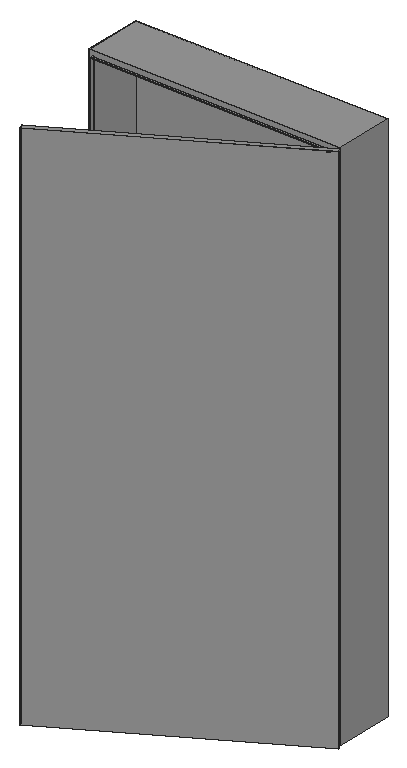
Revit family "Hager-Univers-IP44-D205-H1700-Cl.I-encl-NoHosted-PL-en", category Equipement électrique, Revit 2020
Family settings
  Configuration du panneau = Deux colonnes, circuits au sein
  Cote de connecteur circulaire = Utiliser le diamètre
  Type d'élément = Tableau de raccordement
  Basée sur le plan de construction = Oui
  Toujours verticalement = Oui
  Couper avec des vides une fois chargée = Non
  Partagée = Non
  Point de calcul de pièce = Non
Parameters (values of type "Surface mounted (plaster) IP44 W800 H1700 D205  - FP13TN2")
  Width Control [instance] = if([EF000008 - Width] > Min Width, [EF000008 - Width], Min Width)  # 800 mm
  Commentaires du type = [HG000003 - Range]  # "Univers"
  Thickness Door [instance] = if([EF009171 - Material plate thickness door/cover] > 3 mm, 3 mm, [EF009171 - Material plate thickness door/cover])  # 1 mm
  Seal Frame Offset [instance] = 17 mm  # constant formula
  Plinth Visibility [instance] = [HG000027 - Plinth height] > 0 mm  # no
  Min Width [instance] = 100 mm  # constant formula
  Min Depth [instance] = (2 * [EF009170 - Material plate thickness cabinet]) + 1 mm  # 3 mm
  Min Height [instance] = 100 mm  # constant formula
  Internal Frame Depth [instance] = (Door System Depth * 0.5)  # 9 mm
  Panel Name [instance] = ""  # (empty or 0)
  Model = ""
  HG000027 - Plinth height = 0 mm
  HG000026 - Floor standing = no
  HG000024 - Bottom section height = 600 mm
  HG000023 - Double section enclosure = no
  HG000016 - Door 3d visibility [instance] = yes
  HG000015 - Clearance visibility [instance] = no
  HG000014 - Door on the right [instance] = yes
  HG000013 - Door on the left [instance] = not([HG000014 - Door on the right])  # no
  HG000012 - Door swing angle [instance] = 30.00°
  HG000010 - Asymmetric doors = no
  HG000009 - Double swing door = no
  HG000006 - Flush mounted = no
  HG000004 - Manufacturer reference = "FP13TN2"
  HG000003 - Range = "Univers"
  HG000002 - With door or cover = yes
  Frame Offset Bottom [instance] = 10 mm  # constant formula
  Frame Offset [instance] = 15 mm  # constant formula
  EF015940 - Cover with overpressure release = no
  EF011959 - Degree of protection (NEMA) = ""
  EF009554 - Number of openings for flange plates = 6
  EF009212 - Cover model = "EV000116 - Closed"
  EF009171 - Material plate thickness door/cover = 1 mm
  EF009170 - Material plate thickness cabinet = 1 mm
  EF008873 - Nominal current (In) = 400 A
  EF007800 - Suitable for lightning protection = no
  EF006306 - With lock = no
  EF006244 - Transparent cover/door = no
  EF005474 - Degree of protection (IP) = "EV006418 - IP44"
  EF004464 - Type of door = "EV002646 - Single"
  EF004427 - Number of modules = 396
  EF004293 - Impact strength = "EV006815 - IK09"
  EF003532 - Suitable for outdoor use = no
  EF002950 - Width in number of modular spacings = 36
  EF001613 - Circuit integrity = "EV000494 - None"
  EF001596 - Material housing = "EV000179 - Steel"
  EF001131 - Internal depth = 205 mm
  EF001088 - Extension possible = yes
  EF000437 - Number of conduit inlets = 6
  EF000339 - Type of cover = "EV001012 - Cover"
  EF000266 - Number of rows = 11
  EF000218 - Built-in depth = 205 mm
  EF000118 - With mounting plate = no
  EF000116 - RAL-number = "9010"
  EF000049 - Depth = 205 mm
  EF000040 - Height = 1700 mm
  EF000008 - Width = 800 mm
  EF000007 - Colour = "EV000202 - White"
  EF000003 - Mounting method = "EV000384 - Surface mounted (plaster)"
  Door System Leaf Tolerance [instance] = 1.5 mm  # constant formula
  Door System Depth [instance] = 18 mm  # constant formula
  Door Height [instance] = Height Control - [HG000027 - Plinth height]  # 1700 mm
  Description = ""
  Default Elevation = 1219.2 mm
  Connector Offset [instance] = Height Control / 2  # 850 mm
  Fabricant = "Hager"  # constant formula
  Height Control [instance] = if([EF000040 - Height] > Min Height, [EF000040 - Height], Min Height)  # 1700 mm
  Depth Control [instance] = if([EF000049 - Depth] > Min Depth, [EF000049 - Depth], Min Depth)  # 205 mm
  Bottom Top Plate Trim [instance] = 1.5 mm  # constant formula
  Plinth height Ctrl [instance] = if([HG000027 - Plinth height] > 0 mm, [HG000027 - Plinth height], 12 mm)  # 12 mm
Types (4, lengths in mm): name | Width Control | HG000010 - Asymmetric doors | HG000009 - Double swing door | HG000004 - Manufacturer reference | EF009554 - Number of openings for flange plates | EF008873 - Nominal current (In) | EF004464 - Type of door | EF004427 - Number of modules | EF002950 - Width in number of modular spacings | EF000437 - Number of conduit inlets | EF000008 - Width
  Surface mounted (plaster) IP44 W1300 H1700 D205  - FP15TN2 | 1300 | yes | yes | "FP15TN2" | 10 | 400 A | "EV003602 - Double" | 660 | 60 | 10 | 1300
  Surface mounted (plaster) IP44 W300 H1700 D205  - FP11TN2 | 300 | no | no | "FP11TN2" | 2 | 250 A | "EV002646 - Single" | 132 | 12 | 2 | 300
  Surface mounted (plaster) IP44 W550 H1700 D205  - FP12TN2 | 550 | no | no | "FP12TN2" | 4 | 250 A | "EV002646 - Single" | 264 | 24 | 4 | 550
  Surface mounted (plaster) IP44 W800 H1700 D205  - FP13TN2 | 800 | no | no | "FP13TN2" | 6 | 400 A | "EV002646 - Single" | 396 | 36 | 6 | 800
Reference planes
  plane 1 "Center (Front/Back)": y = 0
  plane 2: z = 0
  plane 3 "Center (Left/Right)": x = 0
  plane 4: y = 0
  plane 5: y = 0
  plane 6: z = 0
  plane 7: x = -400
  plane 8: x = 400
  plane 9: x = 399
  plane 10: x = -399
  plane 11: z = 0
  plane 12: z = 1
  plane 13: y = -205
  plane 14: y = -1
  plane 15: x = 0
  plane 16: y = -187
  plane 17: y = -204
  plane 18: y = -186
  plane 19: x = -384
  plane 20: x = 384
  plane 21: z = 11
  plane 22: x = -383
  plane 23: x = 383
  plane 24: z = 0
  plane 25: z = 1700
  plane 26: z = 1700
  plane 27: z = 1684
  plane 28: z = 1699
Forms (mm)
  Extrusion 1, solid, material "Hager_Steel_RAL7035_Light_Grey", detail levels medium+fine
    sketch origin (-208.679, -4572, 0) x (-1, 0, 0) y (0, -1, 0)
      loop
        line (191.321, -4385) -> (-608.679, -4385) -> (-608.679, -4572) -> (191.321, -4572) -> (191.321, -4385)
    from 0 to 1700
  Extrusion 2, void
    sketch origin (-350.771, -205, 1219.2) x (1, 0, 0) y (0, 0, 1)
      loop
        line (-48.229, 479.8) -> (-48.229, -1218.2) -> (749.771, -1218.2) -> (749.771, 479.8) -> (-48.229, 479.8)
    from -19 to -204
  Extrusion 3, void
    sketch origin (-290.084, -187, 1219.2) x (1, 0, 0) y (0, 0, 1)
      loop
        line (-93.916, -1208.2) -> (674.084, -1208.2) -> (674.084, 464.8) -> (-93.916, 464.8) -> (-93.916, -1208.2)
    from 0 to -1
  Extrusion 4, solid, material "Hager_Steel_RAL7035_Light_Grey", visible <- "Plinth Visibility", detail levels medium+fine
    sketch origin (0, 0, 0) x (1, 0, 0) y (0, 1, 0)
      loop
        line (-400, 0) -> (-400, -187) -> (400, -187) -> (400, 0) -> (-400, 0)
    from 0 to 12 <- "Plinth height Ctrl"
  Extrusion 5, solid, material "Hager_Steel_RAL7035_Light_Grey", detail levels coarse
    sketch origin (0, 0, 0) x (1, 0, 0) y (0, 1, 0)
      loop
        line (-400, 0) -> (-400, -205) -> (400, -205) -> (400, 0) -> (-400, 0)
    from 0 to 1700 <- "Height Control"
  Sweep 6, void
    path in 3D
      loop
        line (-400, -187, 12) -> (400, -187, 12) -> (400, 0, 12) -> (-400, 0, 12) -> (-400, -187, 12)
    profile origin (-400, -93.5, 12) x (1, 0, 0) y (0, 0, 1)
      loop
        line (0, 0) -> (0, -1.5) -> (1.5, -1.5)
        arc (1.5, -1.5) -> (1.061, -0.439) -> (0, 0) r 1.5
  Extrusion 7, solid, material "Hager_Steel_RAL7035_Light_Grey", detail levels fine
    sketch origin (-400, -187, 0) x (1, 0, 0) y (0, 0, 1)
      loop
        line (16, 11) -> (784, 11) -> (784, 1684) -> (16, 1684) -> (16, 11)
      loop
        line (15, 10) -> (785, 10) -> (785, 1685) -> (15, 1685) -> (15, 10)
    from 0 to 9 <- "Internal Frame Depth"
Cuts and joins
  Extrusion 2, Extrusion 3 cuts Extrusion 1
  Sweep 6 cuts Extrusion 4
Lines and regions (mm)
  Masking region 1
    outline origin (0, 0, 0) x (1, 0, 0) y (0, 1, 0)
      loop
        line (-400, 0) -> (-400, -205) -> (400, -205) -> (400, 0) -> (-400, 0)
  Masking region 2, detail levels coarse
    outline origin (-290.084, -187, 1219.2) x (-1, 0, 0) y (0, 0, 1)
      loop
        line (-690.084, -1219.2) -> (109.916, -1219.2) -> (109.916, 480.8) -> (-690.084, 480.8) -> (-690.084, -1219.2)
  Masking region 3, detail levels coarse
    outline origin (0, 0, 0) x (0, 1, 0) y (0, 0, 1)
      loop
        line (0, 0) -> (0, 1700) -> (-205, 1700) -> (-205, 0) -> (0, 0)
  Masking region 4, visible <- "Plinth Visibility", detail levels medium+fine
    outline origin (0, 0, 0) x (0, 1, 0) y (0, 0, 1)
      loop
        line (-1.5, 12) -> (-185.5, 12)
        arc (-185.5, 12) -> (-185.939, 10.939) -> (-187, 10.5) r 1.5
        line (-187, 10.5) -> (-187, 0) -> (0, 0) -> (0, 10.5)
        arc (0, 10.5) -> (-1.061, 10.939) -> (-1.5, 12) r 1.5
  Masking region 5, detail levels medium+fine
    outline origin (0, 0, 594.038) x (0, 1, 0) y (0, 0, 1)
      loop
        line (0, -594.038) -> (0, 1105.962) -> (-187, 1105.962) -> (-187, -594.038) -> (0, -594.038)
  Masking region 6, detail levels medium+fine
    outline origin (-359.7, -187, 1211.883) x (-1, 0, 0) y (0, 0, 1)
      loop
        line (-759.7, -1211.883) -> (40.3, -1211.883) -> (40.3, 488.117) -> (-759.7, 488.117) -> (-759.7, -1211.883)
  Masking region 7, visible <- "Plinth Visibility", detail levels medium+fine
    outline origin (-320.334, -187, 1041.368) x (-1, 0, 0) y (0, 0, 1)
      loop
        line (-720.334, -1041.368) -> (79.666, -1041.368) -> (79.666, -1030.868)
        arc (79.666, -1030.868) -> (78.606, -1030.429) -> (78.166, -1029.368) r 1.5
        line (78.166, -1029.368) -> (-718.834, -1029.368)
        arc (-718.834, -1029.368) -> (-719.273, -1030.429) -> (-720.334, -1030.868) r 1.5
        line (-720.334, -1030.868) -> (-720.334, -1041.368)
  sketch lines
    curve 1: line (-400, 0, 12) -> (-400, -187, 12)
    curve 2: line (-400, -187, 12) -> (400, -187, 12)
    curve 3: line (400, 0, 12) -> (-400, 0, 12)
    curve 4: line (400, -187, 12) -> (400, 0, 12)
Dimensions and locks
  locked: plane 1 "Center (Front/Back)" to plane 5
  "EF009170 - Material plate thickness cabinet": plane 7 to plane 10
  "EF009170 - Material plate thickness cabinet": plane 8 to plane 9
  equal spacing: plane 7, plane 3 "Center (Left/Right)", plane 8
  "Width Control": plane 7 to plane 8
  "Depth Control": plane 4 to plane 13
  "EF009170 - Material plate thickness cabinet": plane 4 to plane 14
  "Height Control": plane 25 to level
  "HG000027 - Plinth height": plane 11 to level
  "EF009170 - Material plate thickness cabinet": plane 12 to plane 11
  "EF009170 - Material plate thickness cabinet": plane 17 to plane 13
  "EF009170 - Material plate thickness cabinet": plane 18 to plane 16
  "Frame Offset Bottom": plane 21 to plane 12
  "Frame Offset": plane 10 to plane 19
  "Frame Offset": plane 9 to plane 20
  "Door System Depth": plane 16 to plane 13
  "Seal Frame Offset": plane 7 to plane 22
  "Seal Frame Offset": plane 8 to plane 23
  "EF009170 - Material plate thickness cabinet": plane 26 to plane 28
  "Frame Offset": plane 28 to plane 27
  "Connector Offset": plane 2 to connector elem
  "Bottom Top Plate Trim": profile plane to Sweep 6 sketch curve
  "Bottom Top Plate Trim": Sweep 6 sketch curve to Sweep 6 sketch curve
  "Plinth height Ctrl": Masking region 4 sketch curve to level
  "Plinth height Ctrl": Masking region 7 sketch curve to level
  "Thickness Door": Extrusion 7 sketch curve to Extrusion 7 sketch curve  (x4)
  "Bottom Top Plate Trim": radius of Sweep 6 sketch curve
  "Bottom Top Plate Trim": radius of Masking region 4 sketch curve  (x2)
  "Bottom Top Plate Trim": radius of Masking region 7 sketch curve  (x2)
  aligned and locked: Extrusion 2 sketch curve to plane 12
  aligned and locked: Extrusion 2 sketch curve to plane 9
  aligned and locked: Extrusion 2 sketch curve to plane 10
  aligned and locked: Extrusion 2 to plane 14
  aligned and locked: Extrusion 1 sketch curve to plane 4
  aligned and locked: plane 8 to Extrusion 1 sketch curve
  aligned and locked: plane 7 to Extrusion 1 sketch curve
  aligned and locked: Extrusion 2 to plane 18
  aligned and locked: Extrusion 3 sketch curve to plane 19
  aligned and locked: plane 20 to Extrusion 3 sketch curve
  aligned and locked: Extrusion 3 to Extrusion 2
  aligned and locked: Extrusion 3 sketch curve to plane 21
  aligned and locked: plane 3 "Center (Left/Right)" to nested 1
  aligned and locked: Extrusion 1 sketch curve to plane 16
  aligned and locked: Extrusion 4 sketch curve to cut or joined group of Extrusion 1, Extrusion 2, Extrusion 3
  aligned and locked: Masking region 1 sketch curve to plane 7
  aligned and locked: Masking region 1 sketch curve to plane 5
  aligned and locked: Masking region 1 sketch curve to plane 8
  aligned and locked: Masking region 2 sketch curve to level
  aligned and locked: level to Masking region 3 sketch curve
  aligned and locked: plane 1 "Center (Front/Back)" to Masking region 3 sketch curve
  aligned and locked: plane 13 to Masking region 3 sketch curve
  aligned and locked: plane 5 to Masking region 4 sketch curve
  aligned and locked: Masking region 2 sketch curve to plane 8
  aligned and locked: Masking region 2 sketch curve to plane 7
  aligned and locked: plane 7 to nested 2
  aligned and locked: nested 2 to plane 5
  aligned and locked: plane 5 to Masking region 5 sketch curve
  aligned and locked: plane 26 to Masking region 5 sketch curve
  aligned and locked: Extrusion 5 sketch curve to plane 8
  aligned and locked: Extrusion 5 sketch curve to plane 7
  aligned and locked: Extrusion 5 sketch curve to plane 5
  aligned and locked: Extrusion 3 sketch curve to plane 27
  aligned and locked: Extrusion 2 sketch curve to plane 28
  aligned and locked: Masking region 2 to plane 25
  aligned and locked: Extrusion 4 to plane 16
  aligned and locked: profile plane to Sweep 6 sketch curve
  aligned and locked: Masking region 5 sketch curve to plane 24
  aligned and locked: level to Masking region 4 sketch curve
  aligned and locked: Masking region 1 to plane 13
  aligned and locked: nested 1 to plane 16
  aligned and locked: Masking region 3 to plane 25
  aligned and locked: plane 16 to Masking region 4 sketch curve
  aligned and locked: Masking region 5 sketch curve to plane 16
  aligned and locked: plane 24 to plane 11
  aligned and locked: plane 26 to plane 25
  aligned and locked: plane 26 to cut or joined group of Extrusion 1, Extrusion 2, Extrusion 3
  aligned and locked: nested 1 to plane 24
  aligned and locked: Extrusion 1 to Extrusion 3
  aligned and locked: Masking region 6 sketch curve to plane 8
  aligned and locked: Masking region 6 sketch curve to plane 24
  aligned and locked: Masking region 6 sketch curve to plane 7
  aligned and locked: Masking region 6 sketch curve to plane 26
  aligned and locked: Masking region 7 sketch curve to plane 7
  aligned and locked: level to Masking region 7 sketch curve
  aligned and locked: Masking region 7 sketch curve to plane 8
  aligned and locked: Extrusion 7 sketch curve to cut or joined group of Extrusion 1, Extrusion 2, Extrusion 3  (x4)
Automatic sketch dimensions
  plane 19 to Extrusion 3 sketch curve = 0 mm
  Extrusion 3 sketch curve to plane 20 = 0 mm
  Extrusion 3 sketch curve to plane 21 = 0 mm
  Extrusion 4 sketch curve to plane 7 = 0 mm
  Extrusion 4 sketch curve to plane 8 = 0 mm
  Extrusion 4 sketch curve to plane 16 = 0 mm
  Masking region 1 sketch curve to plane 13 = 0 mm
  Masking region 2 sketch curve to plane 25 = 0 mm
  Masking region 3 sketch curve to plane 25 = 0 mm
  Extrusion 5 sketch curve to plane 13 = 0 mm
  profile plane to Sweep 6 sketch curve = 0 mm
Nested families
  nested 1: "EC000058_Univers_Door" at (0, -187, 0), Double <- "HG000009 - Double swing door", Transparent <- "EF006244 - Transparent cover/door", Angle <- "HG000012 - Door swing angle", Door_Right <- "HG000014 - Door on the right", Assymetrical <- "HG000010 - Asymmetric doors", Door <- "HG000002 - With door or cover", Width_Ctrl <- "Width Control", 3d_Door <- "HG000016 - Door 3d visibility", Clearance <- "HG000015 - Clearance visibility", Door_Left <- "HG000013 - Door on the left", Width <- "Width Control", Door_Depth <- "Door System Depth", Leaf_Tolerance <- "Door System Leaf Tolerance", Height <- "Door Height", Lock_Visibility <- "EF006306 - With lock", Thickness <- "Thickness Door", type "EC000058_Univers_Door", detail levels medium+fine
    with min_wh 3 mm, Width_Ctrl 800 mm, Width 800 mm, Transparent no, Thickness 1 mm, Seal_Material Hager_Rubber, Lock_Visibility no, Lock_Material Hager_Plastic_RAL9005_Jet_Black, Leaf_Width 800 mm, Leaf_Tolerance_External_Sides 0 mm, Leaf_Tolerance 1.5 mm, Leaf_Offset 0 mm, Leaf_Height 1697 mm, Leaf_2_Width 800 mm, Leaf_2_Offset 400 mm, Leaf_1_Width 800 mm, Leaf_1_Offset 400 mm, Height_Ctrl 1700 mm, Height 1700 mm, Glass_Material Hager_Glass, Double_Clearance_Ctrl no, Double no, Door_Right_Ctrl yes, Door_Right yes, Door_Material Hager_Steel_RAL7035_Light_Grey, Door_Left_Ctrl no, Door_Left no, Door_Depth 18 mm, Door yes, Clearance_Material Hager_Clearance, Clearance_Depth 800 mm, Clearance_Ctrl no, Clearance no, Assymetrical no, Angle 30.00°, 3d_Door yes
  nested 2: "Hager_Enclosure_Symbol" at (-400, 0, 0), Height <- "Depth Control", Width <- "Width Control", type "Hager_Enclosure_Symbol"
    with Width_Ctrl 800 mm, Width 800 mm, Height_Ctrl 205 mm, Height 205 mm, A_Width_Int 13.453 mm, A_Width 161.438 mm, A_Height_Ctrl 179.375 mm, A_Height 179.375 mm
Connectors
  electrical at (0, 0, 850)
    settings: on plane 1 "Center (Front/Back)", index 1, voltage 0 V, apparent load 0 VA, apparent load phase1 0 VA, apparent load phase2 0 VA, apparent load phase3 0 VA, power factor 1, load classification "Other", number of poles 1, system type 30, power factor state 1, is connector primary yes, connector utility no, sub classification motor no, connector description ""
Definition of nested family "EC000058_Univers_Door"
  Parameters (values of type "EC000058_Univers_Door")
    min_wh [instance] = (2 * Thickness) + 1 mm  # 11 mm
    Width_Ctrl [instance] = 400 mm
    Width [instance] = 500 mm
    Transparent [instance] = yes
    Thickness [instance] = 5 mm
    Seal_Material [instance] = none
    Lock_Visibility [instance] = yes
    Lock_Material [instance] = none
    Leaf_Width [instance] = if((Width_Ctrl - 2 * Leaf_Tolerance_External_Sides) > 0 mm, (Width_Ctrl - 2 * Leaf_Tolerance_External_Sides), min_wh)  # 400 mm
    Leaf_Tolerance_External_Sides [instance] = 0 mm  # constant formula
    Leaf_Tolerance [instance] = 1.5 mm
    Leaf_Offset [instance] = 0 mm  # constant formula
    Leaf_Height [instance] = if((Height_Ctrl - 2 * Leaf_Tolerance) > 0 mm, (Height_Ctrl - 2 * Leaf_Tolerance), min_wh)  # 497 mm
    Leaf_2_Width [instance] = if(and(and(Double, Assymetrical), Door_Left), (Leaf_Width / 3) - (Leaf_Tolerance / 2), if(and(and(Double, Assymetrical), Door_Right), (Leaf_Width / 3) * 2 - (Leaf_Tolerance / 2), if(and(Double, not(Assymetrical)), (Leaf_Width / 2) - Leaf_Tolerance, Leaf_Width)))  # 400 mm
    Leaf_2_Offset [instance] = if(and(Double, Assymetrical), Leaf_2_Width / 2, if(and(Double, not(Assymetrical)), Leaf_Width / 4, Leaf_Width / 2))  # 200 mm
    Leaf_1_Width [instance] = if(and(and(Double, Assymetrical), Door_Right), (Leaf_Width / 3) - (Leaf_Tolerance / 2), if(and(and(Double, Assymetrical), Door_Left), (Width / 3) * 2 - (Leaf_Tolerance / 2), if(and(Double, not(Assymetrical)), (Leaf_Width / 2) - Leaf_Tolerance, Leaf_Width)))  # 400 mm
    Leaf_1_Offset [instance] = if(and(Double, Assymetrical), Leaf_1_Width / 2, if(and(Double, not(Assymetrical)), Leaf_Width / 4, Leaf_Width / 2))  # 200 mm
    Height_Ctrl [instance] = if(Height > min_wh, Height, min_wh)  # 500 mm
    Height [instance] = 500 mm
    Glass_Material [instance] = none
    Double_Clearance_Ctrl [instance] = and(Double, Clearance)  # no
    Double [instance] = no
    Door_Right_Ctrl [instance] = and(or(Door_Right, Double), Door)  # yes
    Door_Right [instance] = yes
    Door_Material [instance] = none
    Door_Left_Ctrl [instance] = and(or(Door_Left, Double), Door)  # no
    Door_Left [instance] = no
    Door_Depth [instance] = 30 mm
    Door [instance] = yes
    Default Elevation = 1219.2 mm
    Clearance_Material [instance] = none
    Clearance_Depth [instance] = if(Leaf_1_Width > Leaf_2_Width, Leaf_1_Width, Leaf_2_Width)  # 400 mm
    Clearance_Ctrl [instance] = and(not(Double), Clearance)  # yes
    Clearance [instance] = yes
    Assymetrical [instance] = yes
    Angle [instance] = 30.00°
    3d_Door [instance] = yes
  Reference planes
    plane 1 "Center (Front/Back)": y = 0
    plane 2 "Bottom": z = 0
    plane 3 "Center (Left/Right)": x = 0
    plane 4: z = 500
    plane 5: x = -200
    plane 6: x = 200
    plane 7: z = 500
    plane 8: x = -200
    plane 9: z = 0
    plane 10: x = 200
    plane 11: y = 0
    plane 12: z = 1.5
    plane 13: x = -600
    plane 14: y = -400
    plane 15: x = 600
    plane 16: x = 0
    plane 17: x = 0
    plane 18: x = -200
    plane 19: x = 200
    plane 20: z = 498.5
  Forms (mm)
    Extrusion 1, solid, material <- "Clearance_Material", visible <- "Double_Clearance_Ctrl"
      sketch origin (1200, 0, 0) x (1, 0, 0) y (0, 0, -1)
        loop
          line (-1800, -498.5) -> (-600, -498.5) -> (-600, 0) -> (-1800, 0) -> (-1800, -498.5)
      from 0 to -400
  Dimensions and locks
    equal spacing: plane 5, plane 3 "Center (Left/Right)", plane 6
    "Width_Ctrl": plane 5 to plane 6
    "Leaf_Offset": plane 5 to plane 8
    "Leaf_Offset": plane 6 to plane 10
    "Leaf_Offset": plane 9 to level
    "Leaf_Offset": plane 4 to plane 7
    "Height_Ctrl": plane 4 to level
    "Leaf_Tolerance": plane 12 to plane 9
    locked: plane 11 to plane 1 "Center (Front/Back)"
    "Leaf_1_Offset": plane 18 to plane 16
    "Leaf_2_Offset": plane 17 to plane 19
    "Leaf_1_Width": plane 13 to plane 8
    "Leaf_2_Width": plane 10 to plane 15
    "Clearance_Depth": plane 14 to plane 1 "Center (Front/Back)"
    "Leaf_Tolerance_External_Sides": plane 8 to plane 18
    "Leaf_Tolerance_External_Sides": plane 19 to plane 10
    "Leaf_Tolerance": plane 7 to plane 20
    aligned and locked: level to plane 2 "Bottom"
    aligned and locked: nested 1 to plane 16
    aligned and locked: nested 2 to plane 17
    aligned and locked: Extrusion 1 to plane 13
    aligned and locked: plane 15 to Extrusion 1
    aligned and locked: Extrusion 1 to plane 14
    aligned and locked: plane 12 to nested 1
    aligned and locked: nested 2 to plane 12
    aligned and locked: Extrusion 1 to plane 11
    aligned and locked: plane 20 to Extrusion 1
    aligned and locked: nested 2 to plane 11
    aligned and locked: nested 1 to plane 11
  Automatic sketch dimensions
    Extrusion 1 sketch curve to level = 0 mm
    plane 5 to Extrusion 1 sketch curve = 400 mm
    plane 6 to Extrusion 1 sketch curve = 400 mm
    Extrusion 1 sketch curve to plane 4 = 1.5 mm
  Nested families
    nested 1: "EC000058_Univers_Door_Leaf" at (0, 0, 1.5), Width <- "Leaf_1_Width", visible <- "Door_Left_Ctrl", Leaf_Height <- "Leaf_Height", Angle <- "Angle", 3d_Door <- "3d_Door", Transparent <- "Transparent", Clearance Material <- "Clearance_Material", Clearance <- "Clearance_Ctrl", Door_Material <- "Door_Material", Glass_Material <- "Glass_Material", Door_Depth <- "Door_Depth", Lock_Material <- "Lock_Material", Seal_Material <- "Seal_Material", Lock_Visibility <- "Lock_Visibility", Thickness <- "Thickness", type "EC000058_Univers_Door_Leaf"
      with Width 400 mm, Transparent_Glass_Offset 30 mm, Transparent_Ctrl yes, Transparent yes, Thickness 5 mm, Standard no, Seal_Material none, Seal_D2 8 mm, Seal_D1 1 mm, Offset_Internal_Frame 10 mm, Lock_Width 20 mm, Lock_Visibility_3d yes, Lock_Visibility yes, Lock_Thickness_3 3 mm, Lock_Thickness_2 1 mm, Lock_Thickness_1 3 mm, Lock_Radius_Offset_2 16 mm, Lock_Radius_Offset_1 15 mm, Lock_Radius_2 5 mm, Lock_Radius 6 mm, Lock_Offset 5 mm, Lock_Material none, Lock_Height 80 mm, Lock_Cover_Top_Offset_2d 17 mm, Lock_Cover_Height -65 mm, Leaf_Height 497 mm, Internal_Seal_Thickness 8 mm, Internal_Seal_Depth_2 4.5 mm, Internal_Frame_Depth 25 mm, Glass_Thickness -1 mm, Glass_Offset -2 mm, Glass_Material none, Door_Material none, Door_Depth 30 mm, Clearance Material none, Clearance yes, Angle_Ctrl 30.00°, Angle 30.00°, 3d_Door yes
    nested 2: "EC000058_Univers_Door_Leaf" at (0, 0, 1.5) x (-1, 0, 0) z (0, 0, 1), Width <- "Leaf_2_Width", visible <- "Door_Right_Ctrl", Leaf_Height <- "Leaf_Height", Angle <- "Angle", 3d_Door <- "3d_Door", Transparent <- "Transparent", Clearance Material <- "Clearance_Material", Clearance <- "Clearance_Ctrl", Door_Material <- "Door_Material", Glass_Material <- "Glass_Material", Door_Depth <- "Door_Depth", Lock_Material <- "Lock_Material", Seal_Material <- "Seal_Material", Lock_Visibility <- "Lock_Visibility", Thickness <- "Thickness", type "EC000058_Univers_Door_Leaf"
      with Width 400 mm, Transparent_Glass_Offset 30 mm, Transparent_Ctrl yes, Transparent yes, Thickness 5 mm, Standard no, Seal_Material none, Seal_D2 8 mm, Seal_D1 1 mm, Offset_Internal_Frame 10 mm, Lock_Width 20 mm, Lock_Visibility_3d yes, Lock_Visibility yes, Lock_Thickness_3 3 mm, Lock_Thickness_2 1 mm, Lock_Thickness_1 3 mm, Lock_Radius_Offset_2 16 mm, Lock_Radius_Offset_1 15 mm, Lock_Radius_2 5 mm, Lock_Radius 6 mm, Lock_Offset 5 mm, Lock_Material none, Lock_Height 80 mm, Lock_Cover_Top_Offset_2d 17 mm, Lock_Cover_Height -65 mm, Leaf_Height 497 mm, Internal_Seal_Thickness 8 mm, Internal_Seal_Depth_2 4.5 mm, Internal_Frame_Depth 25 mm, Glass_Thickness -1 mm, Glass_Offset -2 mm, Glass_Material none, Door_Material none, Door_Depth 30 mm, Clearance Material none, Clearance yes, Angle_Ctrl 30.00°, Angle 30.00°, 3d_Door yes
  Definition of nested family "EC000058_Univers_Door_Leaf"
    Parameters (values of type "EC000058_Univers_Door_Leaf")
      Width [instance] = 2000 mm
      Transparent_Glass_Offset [instance] = 30 mm
      Transparent_Ctrl [instance] = and(Transparent, [3d_Door])  # yes
      Transparent [instance] = yes
      Thickness [instance] = 5 mm
      Standard [instance] = and(not(Transparent), [3d_Door])  # no
      Seal_Material [instance] = none
      Seal_D2 [instance] = 8 mm  # constant formula
      Seal_D1 [instance] = 1 mm  # constant formula
      Offset_Internal_Frame [instance] = 10 mm  # constant formula
      Lock_Width [instance] = 20 mm  # constant formula
      Lock_Visibility_3d [instance] = and(Lock_Visibility, [3d_Door])  # yes
      Lock_Visibility [instance] = yes
      Lock_Thickness_3 [instance] = 3 mm  # constant formula
      Lock_Thickness_2 [instance] = 1 mm  # constant formula
      Lock_Thickness_1 [instance] = 3 mm  # constant formula
      Lock_Radius_Offset_2 [instance] = Lock_Radius_Offset_1 + 1 mm  # 16 mm
      Lock_Radius_Offset_1 [instance] = 15 mm  # constant formula
      Lock_Radius_2 [instance] = Lock_Radius - 1 mm  # 5 mm
      Lock_Radius [instance] = 6 mm  # constant formula
      Lock_Offset [instance] = 5 mm  # constant formula
      Lock_Material [instance] = none
      Lock_Height [instance] = 80 mm  # constant formula
      Lock_Cover_Top_Offset_2d [instance] = Lock_Radius_Offset_2 + 1 mm  # 17 mm
      Lock_Cover_Height [instance] = -(Lock_Height - Lock_Radius_Offset_1)  # -65 mm
      Leaf_Height [instance] = 2720.336 mm
      Internal_Seal_Thickness [instance] = 8 mm  # constant formula
      Internal_Seal_Depth_2 [instance] = 4.5 mm  # constant formula
      Internal_Frame_Depth [instance] = if(Door_Depth - Thickness > 5 mm, Door_Depth - Thickness, 5 mm)  # 25 mm
      Glass_Thickness [instance] = if(Thickness > 15 mm, Glass_Offset + 10 mm, -1 mm)  # -1 mm
      Glass_Offset [instance] = if(Thickness > 15 mm, -(Thickness + 10 mm) / 2, -2 mm)  # -2 mm
      Glass_Material [instance] = none
      Door_Material [instance] = none
      Door_Depth [instance] = 30 mm
      Default Elevation = 0 mm
      Clearance Material [instance] = none
      Clearance [instance] = yes
      Angle_Ctrl [instance] = if(Angle > 180.00°, 180.00°, Angle)  # 90.00°
      Angle [instance] = 90.00°
      3d_Door [instance] = yes
    Reference planes
      plane 1 "Center (Front/Back)": y = 0
      plane 2: z = 0
      plane 3 "Center (Left/Right)": x = 0
      plane 4: y = 2000
      plane 5: x = -1000
      plane 6: x = 1000
      plane 7: x = -3000
      plane 8: z = 2720.336
      plane 9: z = 30
      plane 10: z = 2690.336
      plane 11: x = 970
      plane 12: x = -970
      plane 13: y = -3
      plane 14: z = 107.833
      plane 15: y = -5
      plane 16: y = -223.314
      plane 17: x = -1000
      plane 18: z = 1360.168
      plane 19: y = 30
    Forms (mm)
      Extrusion 1, solid, material <- "Clearance Material", visible <- "Clearance"
        sketch origin (0, 0, 0) x (1, 0, 0) y (0, 0, 1)
          loop
            line (-3000, 2720.336) -> (-3000, 0) -> (1000, 0) -> (1000, 2720.336) -> (-3000, 2720.336)
        from 0 to -2000
      Extrusion 2, solid, material <- "Door_Material", visible <- "Standard", detail levels medium+fine
        sketch origin (-1000, 0, 0) x (0, 1, 0) y (-1, 0, 0)
          loop
            line (0, 30) -> (0, 25) -> (2000, 25) -> (2000, 30) -> (0, 30)
        from 0 to 2720.336 <- "Leaf_Height"
      Extrusion 3, solid, material <- "Door_Material", visible <- "Transparent_Ctrl", detail levels medium+fine
        sketch origin (-1000, 0, 0) x (0, 1, 0) y (-1, 0, 0)
          loop
            line (0, 25) -> (2000, 25) -> (2000, 30) -> (0, 30) -> (0, 25)
        from 0 to 2720.336 <- "Leaf_Height"
      Extrusion 4, void
        sketch origin (-1025, 2000, 0) x (0, 1, 0) y (0, 0, -1)
          loop
            line (-30, -2690.336) -> (-30, -30) -> (-1970, -30) -> (-1970, -2690.336) -> (-30, -2690.336)
        from 0 to 5 <- "Thickness"
      Sweep 5, solid, material <- "Seal_Material", visible <- "Transparent_Ctrl", detail levels fine
        path in 3D
          loop
            line (-1025, 30, 30) -> (-1025, 30, 2690.336) -> (-1025, 1970, 2690.336) -> (-1025, 1970, 30) -> (-1025, 30, 30)
        profile origin (-1025, 1000, 30) x (1, 0, 0) y (0, 0, 1)
          loop
            line (0, 0) -> (0, -8) -> (1, -8) -> (1, 0) -> (0, 0)
      Extrusion 6, solid, material <- "Glass_Material", visible <- "Transparent_Ctrl", detail levels medium+fine
        sketch origin (-1030, 0, 0) x (0, 1, 0) y (0, 0, -1)
          loop
            line (1970, -2690.336) -> (1970, -30) -> (30, -30) -> (30, -2690.336) -> (1970, -2690.336)
        from -2 <- "Glass_Offset" to -1 <- "Glass_Thickness"
      Extrusion 7, solid, material <- "Door_Material", visible <- "3d_Door", detail levels medium+fine
        sketch origin (-1025, 2000, 0) x (0, -1, 0) y (0, 0, -1)
          loop
            line (0, -2720.336) -> (2000, -2720.336) -> (2000, 0) -> (0, 0) -> (0, -2720.336)
          loop
            line (1995, -5) -> (5, -5) -> (5, -2715.336) -> (1995, -2715.336) -> (1995, -5)
        from 0 to 25 <- "Internal_Frame_Depth"
      Sweep 8, solid, material <- "Seal_Material", visible <- "Transparent_Ctrl", detail levels fine
        path in 3D
          loop
            line (-1025, 0, 0) -> (-1025, 2000, 0) -> (-1025, 2000, 2720.336) -> (-1025, 0, 2720.336) -> (-1025, 0, 0)
        profile origin (-1025, 0, 1360.168) x (1, 0, 0) y (0, 1, 0)
          loop
            line (0, 10) -> (2.975, 10)
            arc (2.975, 10) -> (4.053, 10.447) -> (4.5, 11.525) r 1.525
            line (4.5, 11.525) -> (4.5, 16.527)
            arc (4.5, 16.527) -> (4.069, 17.569) -> (3.027, 18) r 1.473
            line (3.027, 18) -> (0, 18) -> (0, 10)
      Extrusion 9, solid, material <- "Lock_Material", visible <- "Lock_Visibility_3d", detail levels fine
        sketch origin (-1030, 0, 0) x (0, 1, 0) y (0, 0, -1)
          loop
            arc (1993.5, -1400.168) -> (1994.561, -1399.729) -> (1995, -1398.668) r 1.5
            line (1995, -1398.668) -> (1995, -1320.168) -> (1975, -1320.168) -> (1975, -1398.668)
            arc (1975, -1398.668) -> (1975.439, -1399.729) -> (1976.5, -1400.168) r 1.5
            line (1976.5, -1400.168) -> (1993.5, -1400.168)
        from 3 <- "Lock_Thickness_1" to 0
      Blend 10, solid, material <- "Lock_Material", visible <- "Lock_Visibility_3d", detail levels fine
        base sketch origin (-1033, 0, 0) x (0, 1, 0) y (0, 0, -1)
          loop
            line (1975, -1320.168) -> (1975, -1398.668)
            arc (1975, -1398.668) -> (1975.439, -1399.729) -> (1976.5, -1400.168) r 1.5
            line (1976.5, -1400.168) -> (1993.5, -1400.168)
            arc (1993.5, -1400.168) -> (1994.561, -1399.729) -> (1995, -1398.668) r 1.5
            line (1995, -1398.668) -> (1995, -1320.168) -> (1975, -1320.168)
        top sketch origin (-1033, 0, 0) x (0, 1, 0) y (0, 0, -1)
          loop
            line (1976, -1320.168) -> (1976, -1398.668)
            arc (1976, -1398.668) -> (1976.146, -1399.022) -> (1976.5, -1399.168) r 0.5
            line (1976.5, -1399.168) -> (1993.5, -1399.168)
            arc (1993.5, -1399.168) -> (1993.854, -1399.022) -> (1994, -1398.668) r 0.5
            line (1994, -1398.668) -> (1994, -1320.168) -> (1976, -1320.168)
        from 0 to 1 <- "Lock_Thickness_2"
      Blend 11, solid, material <- "Lock_Material", visible <- "Lock_Visibility_3d", detail levels fine
        base sketch origin (-1034, 0, 0) x (0, 1, 0) y (0, 0, -1)
          loop
            line (1978, -1320.168) -> (1978, -1384.168)
            arc (1978, -1384.168) -> (1985, -1391.168) -> (1992, -1384.168) r 7
            line (1992, -1384.168) -> (1992, -1320.168) -> (1978, -1320.168)
        top sketch origin (-1034, 0, 0) x (0, 1, 0) y (0, 0, -1)
          loop
            line (1991, -1320.168) -> (1979, -1320.168) -> (1979, -1383.168)
            arc (1979, -1383.168) -> (1985, -1389.168) -> (1991, -1383.168) r 6
            line (1991, -1383.168) -> (1991, -1320.168)
        from 0 to 3 <- "Lock_Thickness_3"
      Extrusion 12, solid, material <- "Lock_Material", visible <- "Lock_Visibility_3d", detail levels fine
        sketch origin (-1030, 1975, 1320.168) x (1, 0, 0) y (0, -1, 0)
          loop
            line (-7, -19) -> (-7, -1) -> (0, -1) -> (0, 0) -> (-8, 0) -> (-8, -20) -> (0, -20) -> (0, -19) -> (-7, -19)
        from 0 to -65 <- "Lock_Cover_Height"
      Extrusion 13, void
        sketch origin (-1038, 1995, 1320.168) x (-1, 0, 0) y (0, 0, -1)
          loop
            line (-5, -65) -> (0, -65) -> (-5, -60) -> (-5, -65)
        from 0 to 20 <- "Lock_Width"
      Extrusion 14, void
        sketch origin (-1038, 1975, 1320.168) x (0, -1, 0) y (0, 0, -1)
          loop
            circle (-10, -15.995) r 6
          loop
            circle (-10, -15.995) r 5
        from 0 to 2
      Extrusion 15, solid, material <- "Lock_Material", visible <- "Lock_Visibility_3d", detail levels medium
        sketch origin (-1030, 0, 0) x (0, 1, 0) y (0, 0, -1)
          loop
            arc (1993.5, -1400.168) -> (1994.561, -1399.729) -> (1995, -1398.668) r 1.5
            line (1995, -1398.668) -> (1995, -1320.168) -> (1975, -1320.168) -> (1975, -1398.668)
            arc (1975, -1398.668) -> (1975.439, -1399.729) -> (1976.5, -1400.168) r 1.5
            line (1976.5, -1400.168) -> (1993.5, -1400.168)
        from 8 to 0
    Cuts and joins
      Extrusion 4 cuts Extrusion 3
      Extrusion 13, Extrusion 14 cuts Extrusion 9
      Extrusion 14 cuts Blend 11
      Extrusion 13, Extrusion 14 cuts Extrusion 12
      joined: Extrusion 9, Blend 10, Blend 11, Extrusion 12
      Extrusion 14 cuts Extrusion 15
    Lines and regions (mm)
      Masking region 1, visible <- "Lock_Visibility", detail levels fine
        outline origin (0, 0, 0) x (0, 1, 0) y (0, 0, 1)
          loop
            line (30, 1320.168) -> (33, 1320.168) -> (33, 1400.168) -> (30, 1400.168) -> (30, 1320.168)
      Masking region 2, visible <- "Lock_Visibility", detail levels fine
        outline origin (0, 3.143, 0) x (0, 1, 0) y (0, 0, 1)
          loop
            line (29.857, 1354.168) -> (30.857, 1354.168) -> (30.857, 1366.168) -> (29.857, 1366.168) -> (29.857, 1354.168)
      Masking region 3, detail levels medium+fine
        outline origin (0, 0, 0) x (0, 1, 0) y (0, 0, 1)
          loop
            line (0, 0) -> (30, 0) -> (30, 2720.336) -> (0, 2720.336) -> (0, 0)
      Masking region 4, detail levels medium+fine
        outline origin (0, 0, 0) x (1, 0, 0) y (0, 0, 1)
          loop
            line (-1000, 2720.336) -> (-1000, 0) -> (1000, 0) -> (1000, 2720.336) -> (-1000, 2720.336)
      Masking region 5, visible <- "Lock_Visibility", detail levels fine
        outline origin (-47.116, 0, 0) x (1, 0, 0) y (0, 0, 1)
          loop
            arc (1024.616, 1399.168) -> (1023.556, 1398.729) -> (1023.116, 1397.668) r 1.5
            line (1023.116, 1397.668) -> (1023.116, 1320.168) -> (1041.116, 1320.168) -> (1041.116, 1397.668)
            arc (1041.116, 1397.668) -> (1040.677, 1398.729) -> (1039.616, 1399.168) r 1.5
            line (1039.616, 1399.168) -> (1024.616, 1399.168)
      Masking region 6, visible <- "Lock_Visibility", detail levels medium+fine
        outline origin (-25, 0, 0) x (1, 0, 0) y (0, 0, 1)
          loop
            arc (1001.5, 1400.168) -> (1000.439, 1399.729) -> (1000, 1398.668) r 1.5
            line (1000, 1398.668) -> (1000, 1320.168) -> (1020, 1320.168) -> (1020, 1398.668)
            arc (1020, 1398.668) -> (1019.561, 1399.729) -> (1018.5, 1400.168) r 1.5
            line (1018.5, 1400.168) -> (1001.5, 1400.168)
      Masking region 7, visible <- "Lock_Visibility", detail levels fine
        outline origin (-73.735, 0, 0) x (1, 0, 0) y (0, 0, 1)
          loop
            line (1051.735, 1382.168) -> (1065.735, 1382.168) -> (1065.735, 1384.168)
            arc (1065.735, 1384.168) -> (1058.735, 1391.168) -> (1051.735, 1384.168) r 7
            line (1051.735, 1384.168) -> (1051.735, 1382.168)
      Masking region 8, visible <- "Lock_Visibility", detail levels fine
        outline origin (-73.735, 0, 0) x (1, 0, 0) y (0, 0, 1)
          loop
            line (1052.735, 1382.168) -> (1064.735, 1382.168) -> (1064.735, 1383.168)
            arc (1064.735, 1383.168) -> (1058.735, 1389.168) -> (1052.735, 1383.168) r 6
            line (1052.735, 1383.168) -> (1052.735, 1382.168)
      Masking region 9, visible <- "Lock_Visibility", detail levels fine
        outline origin (-25, 0, 0) x (1, 0, 0) y (0, 0, 1)
          loop
            line (1020, 1320.168) -> (1020, 1382.168) -> (1000, 1382.168) -> (1000, 1320.168) -> (1020, 1320.168)
      Masking region 10, detail levels medium+fine
        outline origin (0, 0, 0) x (1, 0, 0) y (0, 0, 1)
          loop
            circle (985, 1335.144) r 6
      Masking region 11, detail levels fine
        outline origin (0, 0, 0) x (1, 0, 0) y (0, 0, 1)
          loop
            circle (985, 1335.144) r 5
      Masking region 12, visible <- "Lock_Visibility", detail levels fine
        outline origin (0, 12.767, 0) x (0, 1, 0) y (0, 0, 1)
          loop
            line (20.233, 1320.168) -> (21.233, 1320.168) -> (21.233, 1399.168) -> (20.233, 1400.168) -> (20.233, 1320.168)
      Masking region 13, visible <- "Lock_Visibility", detail levels fine
        outline origin (0, 13.767, -10) x (0, 1, 0) y (0, 0, 1)
          loop
            line (20.233, 1330.168) -> (23.233, 1330.168) -> (23.233, 1399.168) -> (20.233, 1402.168) -> (20.233, 1330.168)
      Masking region 14, visible <- "Lock_Visibility", detail levels fine
        outline origin (0, 12.767, -10) x (0, 1, 0) y (0, 0, 1)
          loop
            line (20.233, 1330.168) -> (25.233, 1330.168) -> (25.233, 1399.305) -> (20.233, 1394.305) -> (20.233, 1330.168)
      Masking region 15, visible <- "Lock_Visibility", detail levels medium
        outline origin (0, 0, 0) x (0, 1, 0) y (0, 0, 1)
          loop
            line (30, 1320.168) -> (38, 1320.168) -> (38, 1400.168) -> (30, 1400.168) -> (30, 1320.168)
      Masking region 16, visible <- "Lock_Visibility", detail levels fine
        outline origin (-1000, 0, 0) x (0, 1, 0) y (-1, 0, 0)
          loop
            line (1975, 30) -> (1995, 30) -> (1995, 38) -> (1975, 38) -> (1975, 30)
          loop
            line (1979, 37) -> (1976, 37) -> (1976, 34) -> (1978, 34) -> (1979, 37)
          loop
            line (1994, 37) -> (1991, 37) -> (1992, 34) -> (1994, 34) -> (1994, 37)
      Masking region 17, visible <- "Lock_Visibility", detail levels medium
        outline origin (-1000, 0, 0) x (0, 1, 0) y (-1, 0, 0)
          loop
            line (1975, 30) -> (1995, 30) -> (1995, 38) -> (1975, 38) -> (1975, 30)
      symbolic lines
        curve 1: line (1000, 0, 0) -> (-3000, 0, 0)
        curve 2: arc (1000, 0, 0) -> (-1000, 2000, 0) -> (-3000, 0, 0) r 2000
        curve 4: line (-1030, 0, 0) -> (-1030, 2000, 0)
      reference lines
        curve 3: line (-1000, 0, 0) -> (-1000, 2000, 0)
      symbolic lines, detail levels medium+fine
        curve 5: line (-1030, 2000, 0) -> (-1025, 2000, 0)
        curve 7: line (-1025, 0, 0) -> (-1030, 0, 0)
        curve 8: line (-1025, 0, 0) -> (-1000, 0, 0)
        curve 9: line (-1000, 0, 0) -> (-1000, 2000, 0)
        curve 10: line (-1000, 2000, 0) -> (-1025, 2000, 0)
      symbolic lines, detail levels fine
        curve 6: line (-1025, 2000, 0) -> (-1025, 0, 0)
      sketch lines
        curve 11: line (-1025, 0, 2720.336) -> (-1025, 0, 0)
        curve 12: line (-1025, 2000, 0) -> (-1025, 0, 0)
        curve 13: line (-1025, 2000, 2720.336) -> (-1025, 2000, 0)
        curve 14: line (-1025, 0, 2720.336) -> (-1025, 2000, 2720.336)
        curve 15: line (-1025, 1970, 30) -> (-1025, 30, 30)
        curve 16: line (-1025, 30, 30) -> (-1025, 30, 2690.336)
        curve 17: line (-1025, 1970, 2690.336) -> (-1025, 1970, 30)
        curve 18: line (-1025, 30, 2690.336) -> (-1025, 1970, 2690.336)
      symbolic lines, visible <- "Transparent", detail levels medium+fine
        curve 19: line (-970, 0, 2690.336) -> (970, 0, 2690.336)
        curve 20: line (-970, 0, 30) -> (-970, 0, 2690.336)
        curve 21: line (970, 0, 30) -> (-970, 0, 30)
        curve 22: line (970, 0, 2690.336) -> (970, 0, 30)
    Dimensions and locks
      "Width": plane 1 "Center (Front/Back)" to plane 4
      equal spacing: plane 5, plane 3 "Center (Left/Right)", plane 6
      "Width": plane 5 to plane 6
      "Width": plane 7 to plane 5
      "Leaf_Height": plane 8 to level
      "Width": curve 5 to curve 3
      "Width": curve 3 to curve 3
      plane 8 to plane 10 = 30 mm
      plane 9 to level = 30 mm
      plane 12 to plane 5 = 30 mm
      plane 6 to plane 11 = 30 mm
      Extrusion 1 to Extrusion 4 sketch curve = 30 mm
      "Transparent_Glass_Offset": curve 3 to Extrusion 4 sketch curve
      "Transparent_Glass_Offset": Extrusion 4 sketch curve to cut or joined group of Extrusion 3, Extrusion 4  (x2)
      cut or joined group of Extrusion 3, Extrusion 4 to Extrusion 6 sketch curve = 30 mm
      "Transparent_Glass_Offset": cut or joined group of Extrusion 3, Extrusion 4 to Extrusion 4 sketch curve
      "Thickness": curve 6 to curve 4
      "Thickness": Extrusion 7 sketch curve to Extrusion 7 sketch curve  (x4)
      "Door_Depth": curve 4 to curve 3
      "Offset_Internal_Frame": profile plane to Sweep 8 sketch curve
      "Internal_Seal_Thickness": Sweep 8 sketch curve to Sweep 8 sketch curve
      "Internal_Seal_Depth_2": profile plane to Sweep 8 sketch curve
      "Seal_D1": profile plane to Sweep 5 sketch curve
      "Seal_D2": profile plane to Sweep 5 sketch curve
      "Thickness": Extrusion 2 sketch curve to Extrusion 2 sketch curve
      equal spacing: Extrusion 9 sketch curve, plane 18, Extrusion 9 sketch curve  (x2)
      equal spacing: Masking region 1 sketch curve, plane 18, Masking region 1 sketch curve
      "Lock_Height": Masking region 1 sketch curve to Masking region 1 sketch curve
      "Lock_Radius": Masking region 2 sketch curve to plane 18 to Masking region 2 sketch curve
      Masking region 2 sketch curve to Masking region 1 = 1 mm
      "Door_Depth": plane 19 to plane 1 "Center (Front/Back)"
      "Lock_Thickness_1": Masking region 1 sketch curve to plane 19
      "Lock_Width": Extrusion 9 sketch curve to Extrusion 9 sketch curve
      "Lock_Height": Extrusion 9 sketch curve to Extrusion 9 sketch curve
      "Lock_Offset": cut or joined group of Extrusion 3, Extrusion 4 to Extrusion 9 sketch curve
      equal spacing: plane 8, plane 18, level
      "Lock_Radius_Offset_1": Blend 11 sketch curve to Blend 10
      locked: Blend 10 to Blend 11 sketch curve at 2  (x2)
      locked: var sketch to Blend 11 sketch curve at 1  (x2)
      "Lock_Radius_Offset_2": Blend 11 sketch curve to Blend 10
      locked: Extrusion 12 sketch curve to Extrusion 12 sketch curve at 1  (x3)
      Masking region 6 sketch curve to Masking region 6 sketch curve = 80 mm
      "Lock_Height": Masking region 6 sketch curve to Masking region 6 sketch curve
      "Lock_Width": Masking region 6 sketch curve to Masking region 6 sketch curve
      locked: Masking region 6 to Masking region 5 sketch curve at 1  (x3)
      locked: Masking region 5 to Masking region 7 sketch curve at 2  (x2)
      "Lock_Radius_Offset_1": Masking region 5 to Masking region 7 sketch curve
      "Lock_Radius_Offset_2": Masking region 5 to Masking region 8 sketch curve
      locked: Masking region 7 to Masking region 8 sketch curve at 1  (x2)
      "Lock_Cover_Top_Offset_2d": Masking region 5 to Masking region 9 sketch curve
      equal spacing: Masking region 9, Masking region 10 sketch curve, Masking region 9
      equal spacing: Masking region 9, Masking region 11 sketch curve, Masking region 9
      Extrusion 15 sketch curve to Extrusion 15 sketch curve = 80 mm
      "Lock_Width": Extrusion 15 sketch curve to Extrusion 15 sketch curve
      "Lock_Height": Extrusion 15 sketch curve to Extrusion 15 sketch curve
      equal spacing: Extrusion 15 sketch curve, plane 18, Extrusion 15 sketch curve
      "Lock_Thickness_3": Masking region 13 sketch curve to Masking region 13 sketch curve
      "Lock_Height": Masking region 12 sketch curve to Masking region 12 sketch curve
      locked: Masking region 13 sketch curve to Masking region 1 at 8
      locked: Masking region 14 sketch curve to Masking region 13 at 1
      locked: Masking region 14 sketch curve to Masking region 1 at 10.863
      "Lock_Height": Masking region 15 sketch curve to Masking region 15 sketch curve
      "Lock_Offset": Extrusion 15 sketch curve to cut or joined group of Extrusion 3, Extrusion 4
      "Lock_Offset": plane 6 to Masking region 6 sketch curve
      radius of Sweep 8 sketch curve = 1.525 mm
      radius of Sweep 8 sketch curve = 1.473 mm
      radius of Extrusion 9 sketch curve = 1.5 mm  (x2)
      "Lock_Radius": radius of Extrusion 14 sketch curve
      "Lock_Radius_2": radius of Extrusion 14 sketch curve
      "Lock_Radius": radius of Masking region 10 sketch curve
      "Lock_Radius_2": radius of Masking region 11 sketch curve
      radius of Extrusion 15 sketch curve = 1.5 mm  (x2)
      "Angle_Ctrl": angle plane 1 "Center (Front/Back)" to curve 3
      locked: Masking region 12 sketch curve to Masking region 12 sketch curve (angle 45.00°)
      locked: Masking region 13 sketch curve to Masking region 13 sketch curve (angle 45.00°)
      locked: Masking region 14 sketch curve to Masking region 14 sketch curve (angle 45.00°)
      aligned and locked: level to plane 2
      aligned and locked: Extrusion 1 to curve 1
      aligned and locked: plane 6 to Extrusion 1
      aligned and locked: Extrusion 1 to plane 1 "Center (Front/Back)"
      aligned and locked: plane 4 to Extrusion 1
      aligned and locked: plane 8 to Extrusion 1
      aligned and locked: curve 7 to Extrusion 2 sketch curve
      aligned and locked: curve 5 to Extrusion 2 sketch curve
      aligned and locked: curve 7 to Extrusion 3 sketch curve
      aligned and locked: Extrusion 3 sketch curve to curve 4
      aligned and locked: Extrusion 3 sketch curve to curve 6
      aligned and locked: Extrusion 3 sketch curve to curve 5
      aligned and locked: curve 9 to curve 3
      aligned and locked: Extrusion 7 sketch curve to cut or joined group of Extrusion 3, Extrusion 4  (x4)
      aligned and locked: plane 17 to curve 3
      aligned and locked: plane 1 "Center (Front/Back)" to curve 3
      aligned and locked: plane 17 to plane 5
      aligned and locked: Sweep 8 sketch curve to profile plane
      aligned and locked: Sweep 5 sketch curve to profile plane  (x2)
      aligned and locked: Masking region 1 to Masking region 2 sketch curve
      aligned and locked: plane 19 to Masking region 1 sketch curve
      aligned and locked: plane 1 "Center (Front/Back)" to Masking region 3 sketch curve
      aligned and locked: plane 19 to Masking region 3 sketch curve
      aligned and locked: level to Masking region 3 sketch curve
      aligned and locked: Masking region 3 sketch curve to plane 8
      aligned and locked: plane 17 to Masking region 4 sketch curve
      aligned and locked: level to Masking region 4 sketch curve
      aligned and locked: Masking region 4 sketch curve to plane 8
      aligned and locked: plane 12 to curve 20
      aligned and locked: plane 10 to curve 19
      aligned and locked: plane 11 to curve 22
      aligned and locked: curve 21 to plane 9
      aligned and locked: Extrusion 2 sketch curve to cut or joined group of Extrusion 3, Extrusion 4
      aligned and locked: Blend 10 sketch curve to Extrusion 9  (x4)
      aligned and locked: Extrusion 9 to Blend 10 sketch curve
      aligned and locked: Blend 10 to Blend 11 sketch curve
      aligned and locked: Extrusion 12 sketch curve to Blend 11
      aligned and locked: Extrusion 12 sketch curve to Extrusion 9  (x4)
      aligned and locked: Masking region 5 sketch curve to Masking region 6
      aligned and locked: Masking region 9 sketch curve to Masking region 6  (x3)
      aligned and locked: Masking region 12 sketch curve to Masking region 1
      aligned and locked: Masking region 13 sketch curve to Masking region 1
      aligned and locked: Masking region 12 to Masking region 14
      aligned and locked: Masking region 14 sketch curve to Masking region 1
      aligned and locked: Masking region 15 sketch curve to Masking region 14
      aligned and locked: Masking region 13 sketch curve to Masking region 12
      aligned and locked: Masking region 16 sketch curve to cut or joined group of Extrusion 14, Extrusion 15  (x4)
      aligned and locked: Masking region 16 sketch curve to cut or joined group of Extrusion 9, Blend 10, Blend 11, Extrusion 12, Extrusion 13, Extrusion 14  (x6)
      aligned and locked: cut or joined group of Extrusion 9, Blend 10, Blend 11, Extrusion 12, Extrusion 13, Extrusion 14 to Masking region 16 sketch curve
      aligned and locked: Masking region 17 sketch curve to cut or joined group of Extrusion 14, Extrusion 15  (x3)
      aligned and locked: Masking region 17 sketch curve to cut or joined group of Extrusion 9, Blend 10, Blend 11, Extrusion 12, Extrusion 13, Extrusion 14
      aligned and locked: Masking region 9 to Masking region 8 sketch curve
      aligned and locked: Masking region 9 to Masking region 7 sketch curve
    Automatic sketch dimensions
      plane 1 "Center (Front/Back)" to curve 2 = 0 mm
      curve 2 to plane 5 = 0 mm
      Extrusion 1 sketch curve to level = 0 mm
      Extrusion 1 sketch curve to plane 7 = 0 mm
      Extrusion 1 sketch curve to plane 6 = 0 mm
      Extrusion 1 sketch curve to plane 8 = 0 mm
      Extrusion 3 to Extrusion 6 sketch curve = 30 mm  (x4)
      Masking region 4 sketch curve to plane 6 = 0 mm
      Blend 10 sketch curve to Extrusion 9 = 1.5 mm
      Blend 10 sketch curve to Extrusion 9 = 1 mm
      Extrusion 13 sketch curve to Extrusion 12 = 0 mm  (x2)
      Extrusion 12 to Extrusion 13 sketch curve = 3 mm
      Extrusion 13 sketch curve to Extrusion 12 = 5 mm
      Extrusion 14 sketch curve to Extrusion 14 sketch curve = 0 mm  (x2)
      Extrusion 14 sketch curve to Extrusion 12 = 10 mm
      Extrusion 14 sketch curve to Extrusion 12 = 15.995 mm
      Masking region 5 sketch curve to Masking region 5 sketch curve = 1.5 mm  (x2)
      Masking region 10 sketch curve to plane 18 = 25.024 mm
      Masking region 11 sketch curve to plane 18 = 25.024 mm
      plane 19 to Masking region 14 sketch curve = 3 mm
      Masking region 16 sketch curve to Masking region 16 sketch curve = 3 mm
      curve 4 to curve 3 = 0 mm
      Blend 10 to Blend 11 sketch curve = 0 mm
      Masking region 6 sketch curve to Masking region 6 sketch curve = 1.5 mm  (x2)
      Masking region 6 sketch curve to plane 18 = 40 mm
      plane 19 to Masking region 12 sketch curve = 3 mm
      Masking region 12 sketch curve to Masking region 12 sketch curve = 1 mm
      Masking region 15 sketch curve to plane 19 = 0 mm
      Masking region 15 sketch curve to plane 18 = 40 mm
      radius of Blend 10 sketch curve to Extrusion 9 = 1 mm
Definition of nested family "Hager_Enclosure_Symbol"
  Parameters (values of type "Hager_Enclosure_Symbol")
    Width_Ctrl [instance] = if(Width > 1 mm, Width, 1 mm)  # 102.27 mm
    Width [instance] = 102.27 mm
    Height_Ctrl [instance] = if(Height > 1 mm, Height, 1 mm)  # 66.5 mm
    A_Width_Int [instance] = if(A_Width / 12 > 2 mm, A_Width / 12, 2 mm)  # 4.364 mm
    A_Width [instance] = if(A_Height_Ctrl * 0.9 > 2 mm, A_Height_Ctrl * 0.9, 2 mm)  # 52.369 mm
    A_Height_Ctrl [instance] = if(A_Height > 2 mm, A_Height, 2 mm)  # 58.188 mm
    Height [instance] = 66.5 mm
    A_Height [instance] = Height - (Height / 8)  # 58.188 mm
  Reference planes
    plane 1 "Centre (avant/arrière)": y = 0
    plane 2: z = 0
    plane 3 "Centre (gauche/droite)": x = 0
    plane 4: x = 52.369
    plane 5: y = 33.042
    plane 6: y = 41.77
    plane 7: y = 66.5
    plane 8: x = 26.184
    plane 9: y = 37.406
    plane 10: x = 102.27
    plane 11: y = 66.5
    plane 12: y = 8.313
  Lines and regions (mm)
    Filled region 1, type "Solid_Black", in view "Niveau de réf."
      outline origin (0, 0, 0) x (1, 0, 0) y (0, 1, 0)
        loop
          line (52.369, 66.5) -> (33.188, 54.536) -> (45.365, 45.006) -> (52.369, 66.5)
    Filled region 2, type "Solid_Black", in view "Niveau de réf."
      outline origin (0, 0, 0) x (1, 0, 0) y (0, 1, 0)
        loop
          line (0, 0) -> (102.27, 0) -> (102.27, 66.5) -> (0, 0)
    detail lines, in view "Niveau de réf."
      curve 1: line (0, 8.313, 0) -> (26.184, 41.77, 0)
      curve 2: line (26.184, 41.77, 0) -> (26.184, 33.042, 0)
      curve 3: line (26.184, 33.042, 0) -> (52.369, 66.5, 0)
  Dimensions and locks
    "A_Width": plane 3 "Centre (gauche/droite)" to plane 4
    equal spacing: plane 3 "Centre (gauche/droite)", plane 8, plane 4
    equal spacing: plane 6, plane 9, plane 5
    equal spacing: curve 3, Filled region 1 sketch curve, Filled region 1 sketch curve
    "Height_Ctrl": plane 1 "Centre (avant/arrière)" to plane 11
    "A_Height_Ctrl": plane 11 to plane 12
    equal spacing: plane 11, plane 9, plane 12
    "A_Width_Int": plane 6 to plane 9
    "Width_Ctrl": plane 3 "Centre (gauche/droite)" to plane 10
    angle Filled region 1 sketch curve to curve 3 = 20.00°
    angle curve 3 to Filled region 1 sketch curve = 20.00°
    locked: curve 3 to Filled region 1 sketch curve (angle 90.00°)
    aligned and locked: plane 10 to Filled region 2
    aligned and locked: plane 11 to Filled region 2 sketch curve
    aligned and locked: plane 10 to Filled region 2 sketch curve
    aligned and locked: plane 3 "Centre (gauche/droite)" to curve 1
    aligned and locked: plane 12 to curve 1
    aligned and locked: plane 7 to plane 11
  Automatic sketch dimensions
    Filled region 1 sketch curve to plane 4 = 0 mm
    Filled region 1 sketch curve to plane 7 = 0 mm
    plane 1 "Centre (avant/arrière)" to Filled region 2 sketch curve = 0 mm
    Filled region 2 sketch curve to plane 3 "Centre (gauche/droite)" = 0 mm
    curve 2 to plane 6 = 0 mm
    curve 2 to plane 8 = 0 mm
    curve 3 to plane 4 = 0 mm
    curve 2 to plane 5 = 0 mm
    curve 3 to plane 7 = 0 mm
